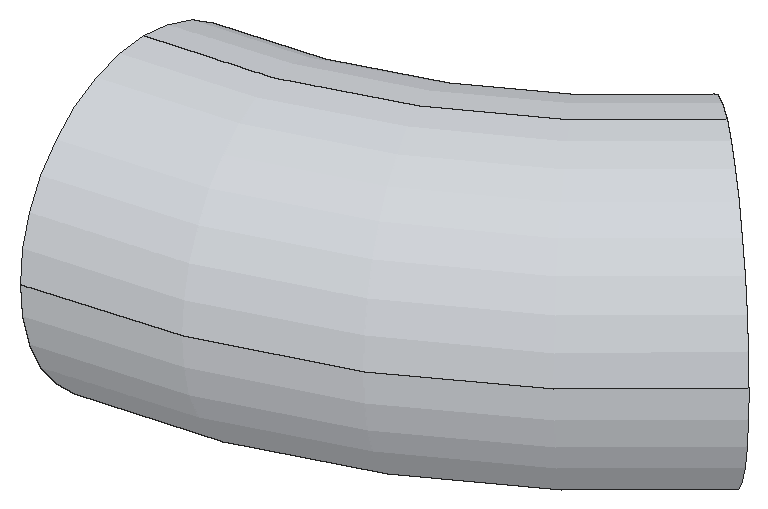
Revit family "M_Round Elbow", category Duct Fittings, Revit 2014
Parameters (values of type "2 D")
  Radius Multiplier = 2
  Duct Radius [instance] = 150 mm
  Length1 [instance] = Center Radius * tan(Angle / 2)  # 248.528 mm
  Center Radius [instance] = Radius Multiplier * Duct Radius * 2  # 600 mm
  Assembly Code = ""
  Angle [instance] = 45.00°
Types (3, lengths in mm): name | Radius Multiplier | Length1 | Center Radius
  1.5 D | 1.5 | 186.396 | 450
  1 D | 1 | 124.264 | 300
  2 D | 2 | 248.528 | 600
Reference planes
  plane 1 "Center (Front/Back)": y = 0
  plane 2: z = 0
  plane 3 "Center (Left/Right)": x = 0
  plane 4: y = 600
  plane 5: x = -248.528
Forms (mm)
  Sweep 1, solid, detail levels medium+fine
    path in 3D
      loop
        arc (-248.528, 0, 0) -> (-18.918, 45.672, 0) -> (175.736, 175.736, 0) r 600
    profile "M_Duct - Round : Duct - Round" origin (-18.918, 45.672, 0) x (-0.382683, 0.92388, 0) y (0, 0, 1)
      loop
        arc (-150, 0) -> (-106.066, -106.066) -> (0, -150) r 150
        arc (0, -150) -> (106.066, -106.066) -> (150, 0) r 150
        arc (150, 0) -> (106.066, 106.066) -> (0, 150) r 150
        arc (0, 150) -> (-106.066, 106.066) -> (-150, 0) r 150
Lines and regions (mm)
  reference lines
    curve 1: line (-248.528, 0, 0) -> (0, 0, 0)
    curve 2: line (0, 0, 0) -> (175.736, 175.736, 0)
    curve 3: arc (-248.528, 0, 0) -> (-18.918, 45.672, 0) -> (175.736, 175.736, 0) r 600
    curve 4: line (-248.528, 600, 0) -> (175.736, 175.736, 0)
    curve 7: line (-248.528, 600, 0) -> (-248.528, 0, 0)
  sketch lines
    curve 5: arc (-248.528, 0, 0) -> (-18.918, 45.672, 0) -> (175.736, 175.736, 0) r 600
  model lines, style "DuctFitting", detail levels coarse
    curve 6: arc (-248.528, 0, 0) -> (-18.918, 45.672, 0) -> (175.736, 175.736, 0) r 600
Dimensions and locks
  "Length1": plane 5 to plane 3 "Center (Left/Right)"
  "Center Radius": plane 1 "Center (Front/Back)" to plane 4
  "Angle": angle curve 6 to curve 6
  "Angle": angle curve 7 to curve 4
  aligned and locked: plane 1 "Center (Front/Back)" to curve 1
  aligned and locked: plane 3 "Center (Left/Right)" to curve 1
  aligned and locked: plane 5 to curve 1
  aligned and locked: plane 4 to curve 3
  aligned and locked: plane 5 to curve 3
  aligned and locked: curve 6 to curve 3
  aligned and locked: plane 5 to curve 6
  aligned and locked: curve 7 to plane 5
Automatic sketch dimensions
  curve 4 to plane 4 = 0 mm
Connectors
  hvac at (-248.528, 0, 0), driven by "Angle", driven by "Duct Radius"
    settings: on Sweep 1, index 1, duct flow 0.0 L/s, flow factor 0, pres drop 0.0 Pa, loss coef 0, conn angle 45.00°, conn width 304.8 mm, conn height 304.8 mm, conn diameter 300 mm, duct sys type 28, conn prof type 0, flow config 0, flow direction 0, loss method 0, conn ref index 2, conn util no, is conn primary yes, conn desc ""
  hvac at (175.736, 175.736, 0), driven by "Angle", driven by "Duct Radius"
    settings: on Sweep 1, index 2, duct flow 0.0 L/s, flow factor 0, pres drop 0.0 Pa, loss coef 0, conn angle 45.00°, conn width 304.8 mm, conn height 304.8 mm, conn diameter 300 mm, duct sys type 28, conn prof type 0, flow config 0, flow direction 0, loss method 0, conn ref index 1, conn util no, is conn primary no, conn desc ""
